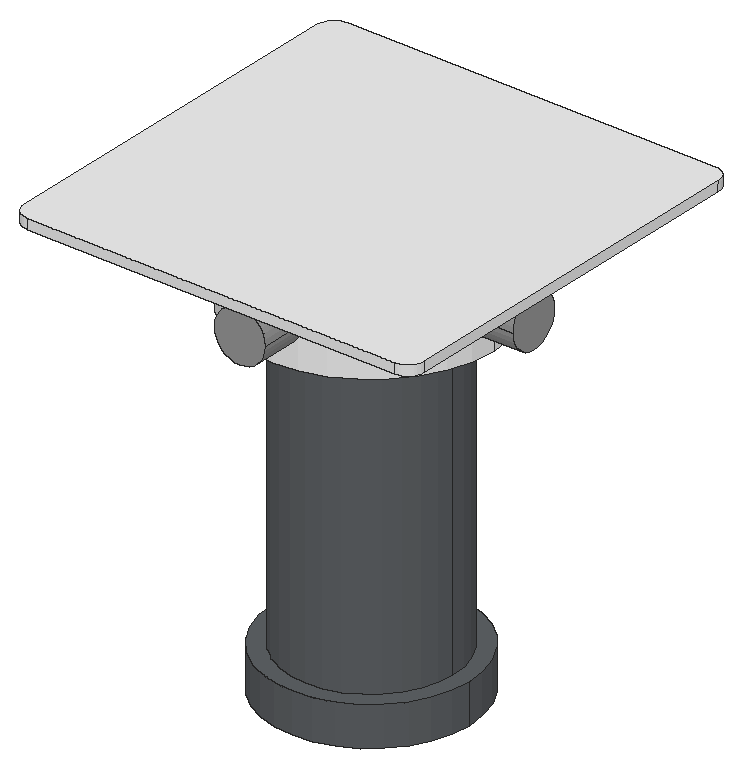
Revit family "KEUCO_59548000070_", category Generic Models, Revit 2016
Family settings
  Part Type = Normal
  Can host rebar = No
  Round Connector Dimension = Use Diameter
  Work Plane-Based = Yes
  Always vertical = No
  Cut with Voids When Loaded = No
  Shared = No
  Room Calculation Point = No
Parameters (values of type "59547000170")
  Verwendung = "DU / WA / ZU"  # constant formula
  Preisgruppe = ""
  Kategorie = "ARM"
  Gewicht = 0
  Breite = 45 mm
  URL = "https://www.keuco.com/de/produkte/sortiment/artikel/?pid=59548&oid=13&pgo=9&country=de&lang=de&vid=59548000070"
  Materialien bei Hersteller anfragen = "Anfrage zu:  objektmanagement@keuco.de"
  Description = "zur einfachen Installation von Produkten mit 1/2 Zoll\r\nAnschluss in Kombination mit der Montageschiene,\r\nInnengewinde G1/2, Einbautiefe 80 - 110 mm"
  Default Elevation = 1219.2 mm
  Serie = "Plan"  # constant formula
  Material = Stahl, verchromt
  Manufacturer = "KEUCO"  # constant formula
  Assembly Code = ""
  Ausschreibungstext = "KEUCO UP Funktionseinheit Universal DN15, 59547000170\r\nzur einfachen Installation von Produkten mit G1/2 Zoll,\r\nschallentkoppelt,\r\nAnschluss in Kombination mit der Montageschiene,\r\nInnengewinde G1/2 Zoll, Einbautiefe 80 mm - 110 mm\r\n\r\nHinweis:\r\nUniversell einsetzbar für Produkte mit 1/2 Zoll Anschluss."
  Artikelnummer = "59547000170"
Reference planes
  plane 1 "Center (Front/Back)": y = 0
  plane 2: z = 0
  plane 3 "Center (Left/Right)": x = 0
Forms (mm)
  Extrusion 1, solid, material "Stahl, verchromt" <- "Material"
    sketch origin (0, 16.5, -23) x (1, 0, 0) y (0, 1, 0)
      loop
        circle (0.019, -16.484) r 37.5
    from -7 to 20
  Extrusion 2, solid, material "Stahl, verchromt" <- "Material"
    sketch origin (0, 16.5, 0) x (0, 1, 0) y (-1, 0, 0)
      loop
        arc (44.5, 56) -> (43.036, 59.536) -> (39.5, 61) r 5
        line (39.5, 61) -> (-72.5, 61)
        arc (-72.5, 61) -> (-76.036, 59.536) -> (-77.5, 56) r 5
        line (-77.5, 56) -> (-77.5, -56)
        arc (-77.5, -56) -> (-76.036, -59.536) -> (-72.5, -61) r 5
        line (-72.5, -61) -> (39.5, -61)
        arc (39.5, -61) -> (43.036, -59.536) -> (44.5, -56) r 5
        line (44.5, -56) -> (44.5, 56)
    from 0 to -3
  Extrusion 3, solid, material "Schwarzgrau"
    sketch origin (0, 16.5, -145) x (0, 1, 0) y (-1, 0, 0)
      loop
        circle (-16.5, 0) r 25
    from 21.987 to 115
  Extrusion 4, solid, material "Brass, Soft Yellow, Welded"
    sketch origin (-10.617, -0.559, -32.959) x (0, 1, 0) y (0, 0, -1)
      loop
        circle (0, -15.638) r 7.801
    from 25.751 to 39.383
  Extrusion 5, solid, material "Brass, Soft Yellow, Welded"
    sketch origin (0, -0.002, -32.959) x (1, 0, 0) y (0, 0, -1)
      loop
        circle (0, -15.638) r 7.801
    from 35.359 to 50.002
  Extrusion 6, solid, material "Brass, Soft Yellow, Welded"
    sketch origin (0, 0.002, -32.959) x (1, 0, 0) y (0, 0, 1)
      loop
        circle (0, 15.638) r 7.801
    from 35.359 to 50.002
  Extrusion 7, solid, material "Brass, Soft Yellow, Welded"
    sketch origin (10.617, -0.559, -32.959) x (0, 1, 0) y (0, 0, 1)
      loop
        circle (0, 15.638) r 7.801
    from 25.751 to 39.383
  Extrusion 8, solid, material "Schwarzgrau"
    sketch origin (0, 16.5, -170) x (0, 1, 0) y (-1, 0, 0)
      loop
        circle (-16.5, 0) r 30
    from 46.987 to 35
Dimensions and locks
  Extrusion 1 to Extrusion 1 = 27 mm
  aligned and locked: level to plane 2
